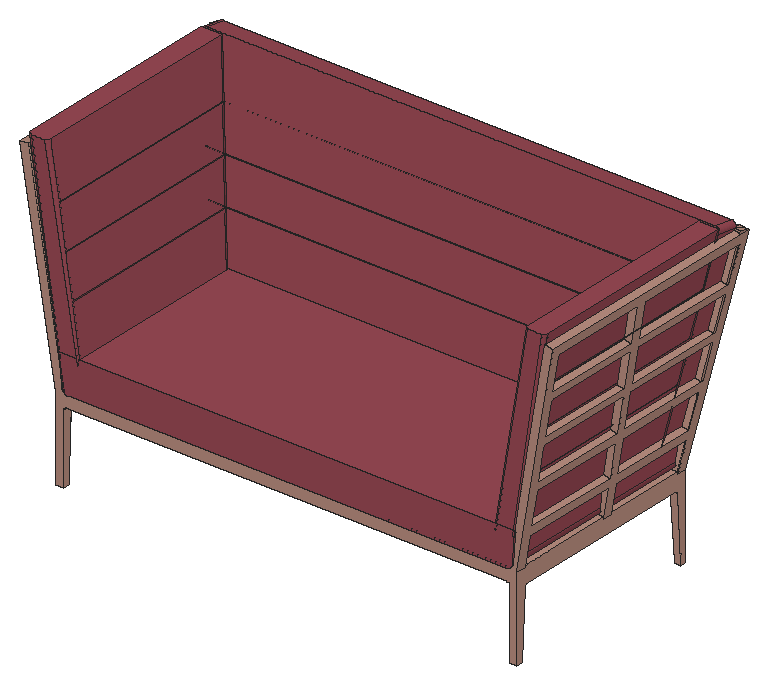
Revit family "Haworth_Janus_Slant_Settee", category Furniture, Revit 2018
Family settings
  OmniClass Number = 23.40.20.00
  OmniClass Title = General Furniture and Specialties
  Work Plane-Based = No
  Always vertical = Yes
  Cut with Voids When Loaded = No
  Shared = No
  Room Calculation Point = No
Parameters (values of type "HCJC-SL-L2W")
  With Seat Cushion = yes
  Width = "70.25 in."  # constant formula
  Warranty = "https://www.haworth.com/resources/product-info/warranties"
  URL - Product = "https://www.haworth.com/products/seating/outdoor/slant"
  URL = "http://www.haworth.com/our-brands/haworth-collection"
  Trim Finish [instance] = Haworth _ Paint _ Slant _ Mousse
  Size = "Verify Final Dim. w/ Haworth"  # constant formula
  Seat Bottom Finish [instance] = Haworth _ Fabric _ Tellure _ Tomato 3A-43
  Revision = "2"  # constant formula
  Model = "HCJC-SL-L2W"
  Manufacturer = "Haworth"  # constant formula
  Frame = yes
  Depth = "34.25 in."  # constant formula
  Height = "41.25 in."  # constant formula
  Description = "Haworth - Janus - Slant - Settee"
  Cushion = yes
  Back Finish [instance] = Haworth _ Fabric _ Tellure _ Tomato 3A-43
  Author = "Haworth (Abd Rahman)"  # constant formula
  Assembly Code = "E2020200"
Reference planes (in)
  plane 1 "Center Front/Back": y = 0
  plane 2: z = 0
  plane 3 "Center Left/Right": x = 0
Dimensions and locks (in)
  nested 2 to nested 2 = 6' - 0 3/32"
Nested families (in)
  nested 1: "Haworth_Janus_Slant_ Seat-Cushion_PART" at (-11.98621, -2.64543, -1.75), visible <- "With Seat Cushion", Cushion Finish <- "Seat Bottom Finish", type "HCJC-SL-CSSA-S - Cushion"
    with Cushion Finish Haworth _ Fabric _ Tellure _ Tomato 3A-43
  nested 2: "Haworth_Janus_Slant_Cushion_Back_PART" at (9.5709, -11.17906, -2.5), Cushion Finish <- "Back Finish", visible <- "Cushion", type "HCJC-SL-CBSA-S - BackSide - Cushion"
    with Cushion Finish Haworth _ Fabric _ Tellure _ Tomato 3A-43
  nested 3: "Haworth_Janus_Slant_Settee_Frame_PART" at (5.64325, -1.31366, 0), Frame Finish <- "Trim Finish", visible <- "Frame", type "HCJC-SL-L2W - FRAME"
    with Frame Finish Haworth _ Paint _ Slant _ Mousse
Definition of nested family "Haworth_Janus_Slant_ Seat-Cushion_PART"
  Parameters (values of type "HCJC-SL-CSL2W-S - Cushion")
    Warranty = "https://www.haworth.com/resources/product-info/warranties"
    URL - Product = "https://www.haworth.com/products/tables/outdoor/slant"
    Model = "HCJC-SL-CSL2W-S"  # constant formula
    Description = "Haworth_Slant_Seat-Seating_Cushion"
    URL = "http://www.haworth.com/our-brands/haworth-collection"
    Size = "Verify Final Dim. w/ Haworth"  # constant formula
    Revision Number = "1"  # constant formula
    Manufacturer = "Haworth"  # constant formula
    Cushion Width = 5' - 3 7/128"  # constant formula
    Cushion Finish [instance] = none
    Author = "Haworth (Abd Rahman)"  # constant formula
    Assembly Code = "E2020200"
    Actual Depth = 2' - 4 69/128"  # constant formula
  Reference planes (in)
    plane 1 "Center F/B": y = -4.48242
    plane 2: z = 0
    plane 3 "Center L/R": x = 19.75
    plane 4 "Top": z = 27.5
    plane 5 "Seat Top": z = 18.25
    plane 6: x = 49.25
    plane 7: x = -13.80469
    plane 8: y = 11.05664
    plane 9: y = -17.48242
  Forms (in)
    Extrusion 1, solid, material <- "Cushion Finish"
      sketch origin (30.39258, -13.125, 16.78125) x (0, 0, -1) y (-1, 0, 0)
        loop
          line (-1.6574, 44.41732) -> (-1.6574, -19.07427) -> (2.21371, -18.80357)
          arc (2.21371, -18.80357) -> (3.01405, -18.57194) -> (3.36114, -17.8145) r 1
          line (3.36114, -17.8145) -> (3.36114, 43.09717)
          arc (3.36114, 43.09717) -> (3.01, 43.85809) -> (2.20316, 44.08462) r 1
          line (2.20316, 44.08462) -> (-1.6574, 44.41732)
      from -4.35742 to 24.18164
  Lines and regions (in)
    Masking region 1
      outline origin (0, 0, 0) x (1, 0, 0) y (0, 1, 0)
        loop
          line (-13.80469, 11.05664) -> (-13.80469, -17.48242) -> (49.25, -17.48242) -> (49.25, 11.05664) -> (-13.80469, 11.05664)
  Dimensions and locks (in)
    locked: plane 4 "Top" to level at 27.5
    plane 5 "Seat Top" to level = 1' - 6 1/4"
    plane 5 "Seat Top" to plane 2 = 1' - 6 1/4"
    "Cushion Width": plane 7 to plane 6
    "Actual Depth": plane 8 to plane 9
    aligned and locked: plane 8 to Masking region 1
    aligned and locked: Masking region 1 to plane 9
    aligned and locked: plane 8 to Extrusion 1
    aligned and locked: Extrusion 1 to plane 9
    aligned and locked: plane 7 to Masking region 1
    aligned and locked: plane 6 to Masking region 1
  Automatic sketch dimensions
    plane 5 "Seat Top" to Extrusion 1 sketch curve = 0' - 0.18865"
    Extrusion 1 sketch curve to plane 7 = 0' - 0.11265"
    Extrusion 1 sketch curve to plane 5 "Seat Top" = 0' - 3.67191"
    Extrusion 1 sketch curve to plane 6 = 0' - 1.04292"
    Extrusion 1 sketch curve to plane 5 "Seat Top" = 0' - 3.82989"
    Extrusion 1 sketch curve to Extrusion 1 sketch curve = 0' - 1"
    plane 6 to Extrusion 1 sketch curve = 0' - 0.21685"
    plane 7 to Extrusion 1 sketch curve = 0' - 0.22006"
    Masking region 1 sketch curve to plane 7 = 0' - 0"
    Masking region 1 sketch curve to plane 6 = 0' - 0"
    plane 1 "Center F/B" to Masking region 1 sketch curve = 1' - 1"
    Masking region 1 sketch curve to plane 8 = 0' - 0"
Definition of nested family "Haworth_Janus_Slant_Cushion_Back_PART"
  Parameters (values of type "HCJC-SL-CBL2W-S - BackSide - Cushion")
    Warranty = "https://www.haworth.com/resources/product-info/warranties"
    URL - Product = "https://www.haworth.com/products/seating/outdoor/slant"
    URL = "http://www.haworth.com/our-brands/haworth-collection"
    Size = "Verify Final Dim. w/ Haworth"  # constant formula
    Revision = "1"  # constant formula
    Model = "HCJC-SL-CBL2W-S"  # constant formula
    Manufacturer = "Haworth"  # constant formula
    Description = "Haworth_Slant_BackSide_Cushion"
    Cushion Width = 6' - 0 3/32"  # constant formula
    Cushion Finish [instance] = none
    Cushion Depth = 2' - 9 11/32"  # constant formula
    Author = "Haworth (Abd Rahman)"  # constant formula
    Assembly Code = "E2020200"
  Reference planes (in)
    plane 1 "Center Front/Back": y = 7.72462
    plane 2: z = 0
    plane 3 "Center Left/Right": x = -3.91465
    plane 4 "Back Cushion 1": through (0, 20.22092, 20.18999) normal (0, 0.9864, -0.1644)
    plane 5 "Back Cushion 2": through (0, 18.45094, 27.31171) normal (0, 0.9864, -0.1644)
    plane 6: z = 45.02112
    plane 7: z = 18.43812
    plane 8: y = 24.3965
    plane 9: y = -8.94725
    plane 10: x = -39.96153
    plane 11: x = 32.13222
    plane 12 "Void Arm": through (32.10853, -180, 44.39946) normal (0.9861, 0, -0.1664)
  Forms (in)
    Extrusion 1, solid, material <- "Cushion Finish"
      sketch origin (0, 16.3233, -3.19576) x (0, -0.164399, -0.986394) y (-1, 0, 0)
        loop
          line (-48.54923, 39.3127) -> (-48.54923, -31.44471)
          arc (-48.54923, -31.44471) -> (-48.31125, -31.95821) -> (-47.76562, -32.10853) r 0.67297
          line (-47.76562, -32.10853) -> (-22.18729, -27.84548)
          arc (-22.18729, -27.84548) -> (-21.9959, -27.73676) -> (-21.92013, -27.5301) r 0.31972
          line (-21.92013, -27.5301) -> (-21.92013, 35.36207)
          arc (-21.92013, 35.36207) -> (-22.01283, 35.61492) -> (-22.24701, 35.74794) r 0.39119
          line (-22.24701, 35.74794) -> (-47.74143, 39.99701)
          arc (-47.74143, 39.99701) -> (-48.3039, 39.84204) -> (-48.54923, 39.3127) r 0.69375
      from 0 to -2.91671
    Sweep 2, void
      path origin (0, 16.47485, -2.28648) x (0, -0.164399, -0.986394) y (-1, 0, 0)
        loop
          line (-27.99974, 38.69549) -> (-27.99974, -30.88626)
      profile origin (-3.90462, 21.07797, 25.33229) x (0, -0.164399, -0.986394) y (0, 0.986394, -0.164399)
        loop
          arc (-0.07611, -0.08955) -> (-0.05703, -0.02537) -> (-0.01191, 0.02411) r 0.14996
          line (-0.01191, 0.02411) -> (-0.14032, 0.02411)
          arc (-0.14032, 0.02411) -> (-0.0952, -0.02537) -> (-0.07611, -0.08955) r 0.14996
    Sweep 3, void
      path origin (0, 13.58796, -1.82635) x (0, -0.164399, -0.986394) y (1, 0, 0)
        loop
          line (-27.99974, -38.69662) -> (-27.99974, 30.88738)
      profile origin (-3.90462, 18.1911, 25.79242) x (0, 0.164399, 0.986394) y (0, -0.986394, 0.164399)
        loop
          arc (0.07611, -0.09686) -> (0.0952, -0.03268) -> (0.14032, 0.0168) r 0.14996
          line (0.14032, 0.0168) -> (0.01191, 0.0168)
          arc (0.01191, 0.0168) -> (0.05703, -0.03268) -> (0.07611, -0.09686) r 0.14996
    Blend 4, solid, material <- "Cushion Finish"
      base sketch origin (18.73986, 0, 0) x (1, 0, 0) y (0, 1, 0)
        loop
          arc (6.45068, 16.92747) -> (6.2739, 16.85424) -> (6.20068, 16.67747) r 0.25
          line (6.20068, 16.67747) -> (6.20068, -8.69725)
          arc (6.20068, -8.69725) -> (6.2739, -8.87403) -> (6.45068, -8.94725) r 0.25
          line (6.45068, -8.94725) -> (8.86062, -8.94725)
          arc (8.86062, -8.94725) -> (9.0374, -8.87403) -> (9.11062, -8.69725) r 0.25
          line (9.11062, -8.69725) -> (9.11062, 16.67747)
          arc (9.11062, 16.67747) -> (9.0374, 16.85424) -> (8.86062, 16.92747) r 0.25
          line (8.86062, 16.92747) -> (6.45068, 16.92747)
      top sketch origin (18.73986, 0, 0) x (1, 0, 0) y (0, 1, 0)
        loop
          arc (10.75922, 21.42284) -> (10.58244, 21.34962) -> (10.50922, 21.17284) r 0.25
          line (10.50922, 21.17284) -> (10.50922, -8.44725)
          arc (10.50922, -8.44725) -> (10.65567, -8.80081) -> (11.00922, -8.94725) r 0.5
          line (11.00922, -8.94725) -> (12.87189, -8.94725)
          arc (12.87189, -8.94725) -> (13.22544, -8.80081) -> (13.37189, -8.44725) r 0.5
          line (13.37189, -8.44725) -> (13.37189, 21.17284)
          arc (13.37189, 21.17284) -> (13.29867, 21.34962) -> (13.12189, 21.42284) r 0.25
          line (13.12189, 21.42284) -> (10.75922, 21.42284)
      from 18.43812 to 45.02112
    Blend 5, solid, material <- "Cushion Finish"
      base sketch origin (-26.56917, 0, 0) x (-1, 0, 0) y (0, -1, 0)
        loop
          line (6.45068, -16.92747) -> (8.86062, -16.92747)
          arc (8.86062, -16.92747) -> (9.0374, -16.85424) -> (9.11062, -16.67747) r 0.25
          line (9.11062, -16.67747) -> (9.11062, 8.69725)
          arc (9.11062, 8.69725) -> (9.0374, 8.87403) -> (8.86062, 8.94725) r 0.25
          line (8.86062, 8.94725) -> (6.45068, 8.94725)
          arc (6.45068, 8.94725) -> (6.2739, 8.87403) -> (6.20068, 8.69725) r 0.25
          line (6.20068, 8.69725) -> (6.20068, -16.67747)
          arc (6.20068, -16.67747) -> (6.2739, -16.85424) -> (6.45068, -16.92747) r 0.25
      top sketch origin (-26.56917, 0, 0) x (-1, 0, 0) y (0, -1, 0)
        loop
          line (10.75922, -21.42284) -> (13.12189, -21.42284)
          arc (13.12189, -21.42284) -> (13.29867, -21.34962) -> (13.37189, -21.17284) r 0.25
          line (13.37189, -21.17284) -> (13.37189, 8.44725)
          arc (13.37189, 8.44725) -> (13.22544, 8.80081) -> (12.87189, 8.94725) r 0.5
          line (12.87189, 8.94725) -> (11.00922, 8.94725)
          arc (11.00922, 8.94725) -> (10.65567, 8.80081) -> (10.50922, 8.44725) r 0.5
          line (10.50922, 8.44725) -> (10.50922, -21.17284)
          arc (10.50922, -21.17284) -> (10.58244, -21.34962) -> (10.75922, -21.42284) r 0.25
      from 18.43812 to 45.02112
    Sweep 6, void
      path origin (0, 14.56396, 4.02962) x (0, -0.164399, -0.986394) y (1, 0, 0)
        loop
          line (-27.99974, -38.69662) -> (-27.99974, 30.88738)
      profile origin (-3.90462, 19.16709, 31.6484) x (0, 0.164399, 0.986394) y (0, -0.986394, 0.164399)
        loop
          arc (0.07611, -0.09686) -> (0.0952, -0.03268) -> (0.14032, 0.0168) r 0.14996
          line (0.14032, 0.0168) -> (0.01191, 0.0168)
          arc (0.01191, 0.0168) -> (0.05703, -0.03268) -> (0.07611, -0.09686) r 0.14996
    Sweep 7, void
      path origin (0, 15.53901, 9.87996) x (0, -0.164399, -0.986394) y (1, 0, 0)
        loop
          line (-27.99974, -38.69662) -> (-27.99974, 30.88738)
      profile origin (-3.90462, 20.14215, 37.49873) x (0, 0.164399, 0.986394) y (0, -0.986394, 0.164399)
        loop
          arc (0.07611, -0.09686) -> (0.0952, -0.03268) -> (0.14032, 0.0168) r 0.14996
          line (0.14032, 0.0168) -> (0.01191, 0.0168)
          arc (0.01191, 0.0168) -> (0.05703, -0.03268) -> (0.07611, -0.09686) r 0.14996
    Sweep 8, void
      path origin (0, 17.46124, 3.63188) x (0, -0.164399, -0.986394) y (-1, 0, 0)
        loop
          line (-27.99974, 38.69549) -> (-27.99974, -30.88626)
      profile origin (-3.90462, 22.06437, 31.25065) x (0, -0.164399, -0.986394) y (0, 0.986394, -0.164399)
        loop
          arc (-0.07611, -0.08955) -> (-0.05703, -0.02537) -> (-0.01191, 0.02411) r 0.14996
          line (-0.01191, 0.02411) -> (-0.14032, 0.02411)
          arc (-0.14032, 0.02411) -> (-0.0952, -0.02537) -> (-0.07611, -0.08955) r 0.14996
    Sweep 9, void
      path origin (0, 18.42696, 9.42619) x (0, -0.164399, -0.986394) y (-1, 0, 0)
        loop
          line (-27.99974, 38.69549) -> (-27.99974, -30.88626)
      profile origin (-3.90462, 23.03009, 37.04497) x (0, -0.164399, -0.986394) y (0, 0.986394, -0.164399)
        loop
          arc (-0.07611, -0.08955) -> (-0.05703, -0.02537) -> (-0.01191, 0.02411) r 0.14996
          line (-0.01191, 0.02411) -> (-0.14032, 0.02411)
          arc (-0.14032, 0.02411) -> (-0.0952, -0.02537) -> (-0.07611, -0.08955) r 0.14996
    Sweep 10, void
      path origin (-3.29455, 0, 104.6604) x (-0.997748, 0, 0.067073) y (0, -1, 0)
        loop
          line (42.18705, 8.94725) -> (42.18795, -20.16919)
      profile origin (-45.38705, 5.61097, 107.49006) x (-0.997748, -0.000031, 0.067073) y (0.067073, 0, 0.997748)
        loop
          arc (-11.40856, -69.28642) -> (-11.33911, -69.31892) -> (-11.29633, -69.38255) r 0.14346
          line (-11.29633, -69.38255) -> (-11.27049, -69.22945)
          arc (-11.27049, -69.22945) -> (-11.33136, -69.27773) -> (-11.40856, -69.28642) r 0.14093
    Sweep 11, void
      path origin (-5.13037, -0.96053, 100.268) x (-0.99965, 0, 0.026469) y (0, -1, 0)
        loop
          line (42.18705, 8.94725) -> (42.18795, -20.16919)
      profile origin (-47.30309, 4.65044, 101.38465) x (-0.99965, -0.000031, 0.026469) y (0.026469, 0, 0.99965)
        loop
          arc (-11.40856, -69.28642) -> (-11.33911, -69.31892) -> (-11.29633, -69.38255) r 0.14346
          line (-11.29633, -69.38255) -> (-11.27049, -69.22945)
          arc (-11.27049, -69.22945) -> (-11.33136, -69.27773) -> (-11.40856, -69.28642) r 0.14093
    Sweep 12, void
      path origin (-2.70531, -1.95134, 93.59916) x (-0.998841, 0, 0.048125) y (0, -1, 0)
        loop
          line (42.18705, 8.94725) -> (42.18795, -20.16919)
      profile origin (-44.84393, 3.65963, 95.62944) x (-0.998841, -0.000031, 0.048125) y (0.048125, 0, 0.998841)
        loop
          arc (-11.40856, -69.28642) -> (-11.33911, -69.31892) -> (-11.29633, -69.38255) r 0.14346
          line (-11.29633, -69.38255) -> (-11.27049, -69.22945)
          arc (-11.27049, -69.22945) -> (-11.33136, -69.27773) -> (-11.40856, -69.28642) r 0.14093
    Sweep 13, void
      path origin (-91.1619, 0, 89.53674) x (0.922062, 0, 0.387042) y (0, 1, 0)
        loop
          line (42.18705, -8.94725) -> (42.18795, 20.16919)
      profile origin (-52.2624, 5.61097, 105.86506) x (-0.922062, 0.000031, -0.387042) y (-0.387042, 0, 0.922062)
        loop
          arc (11.40856, -69.28642) -> (11.33136, -69.27773) -> (11.27049, -69.22945) r 0.14093
          line (11.27049, -69.22945) -> (11.29633, -69.38255)
          arc (11.29633, -69.38255) -> (11.33911, -69.31892) -> (11.40856, -69.28642) r 0.14346
    Sweep 14, void
      path origin (-88.07025, -0.96053, 85.88021) x (0.93703, 0, 0.349249) y (0, 1, 0)
        loop
          line (42.18705, -8.94725) -> (42.18795, 20.16919)
      profile origin (-48.5393, 4.65044, 100.61414) x (-0.93703, 0.000031, -0.349249) y (-0.349249, 0, 0.93703)
        loop
          arc (11.40856, -69.28642) -> (11.33136, -69.27773) -> (11.27049, -69.22945) r 0.14093
          line (11.27049, -69.22945) -> (11.29633, -69.38255)
          arc (11.29633, -69.38255) -> (11.33911, -69.31892) -> (11.40856, -69.28642) r 0.14346
    Sweep 15, void
      path origin (-88.27431, -1.95134, 78.85083) x (0.929242, 0, 0.369472) y (0, 1, 0)
        loop
          line (42.18705, -8.94725) -> (42.18795, 20.16919)
      profile origin (-49.07192, 3.65963, 94.43793) x (-0.929242, 0.000031, -0.369472) y (-0.369472, 0, 0.929242)
        loop
          arc (11.40856, -69.28642) -> (11.33136, -69.27773) -> (11.27049, -69.22945) r 0.14093
          line (11.27049, -69.22945) -> (11.29633, -69.38255)
          arc (11.29633, -69.38255) -> (11.33911, -69.31892) -> (11.40856, -69.28642) r 0.14346
    Sweep 16, void
      path origin (79.97646, 0, 92.91708) x (-0.944565, 0, 0.328324) y (0, -1, 0)
        loop
          line (42.18705, 8.94725) -> (42.18795, -20.16919)
      profile origin (40.12761, 5.61097, 106.76823) x (-0.944565, -0.000031, 0.328324) y (0.328324, 0, 0.944565)
        loop
          arc (-11.40856, -69.28642) -> (-11.33911, -69.31892) -> (-11.29633, -69.38255) r 0.14346
          line (-11.29633, -69.38255) -> (-11.27049, -69.22945)
          arc (-11.27049, -69.22945) -> (-11.33136, -69.27773) -> (-11.40856, -69.28642) r 0.14093
    Sweep 17, void
      path origin (77.93795, -0.96053, 88.1278) x (-0.950704, 0, 0.3101) y (0, -1, 0)
        loop
          line (42.18705, 8.94725) -> (42.18795, -20.16919)
      profile origin (37.83013, 4.65044, 101.21016) x (-0.950704, -0.000031, 0.3101) y (0.3101, 0, 0.950704)
        loop
          arc (-11.40856, -69.28642) -> (-11.33911, -69.31892) -> (-11.29633, -69.38255) r 0.14346
          line (-11.29633, -69.38255) -> (-11.27049, -69.22945)
          arc (-11.27049, -69.22945) -> (-11.33136, -69.27773) -> (-11.40856, -69.28642) r 0.14093
    Sweep 18, void
      path origin (71.27682, -1.95134, 86.85373) x (-0.976337, 0, 0.216256) y (0, -1, 0)
        loop
          line (42.18705, 8.94725) -> (42.18795, -20.16919)
      profile origin (30.08762, 3.65963, 95.97703) x (-0.976337, -0.000031, 0.216256) y (0.216256, 0, 0.976337)
        loop
          arc (-11.40856, -69.28642) -> (-11.33911, -69.31892) -> (-11.29633, -69.38255) r 0.14346
          line (-11.29633, -69.38255) -> (-11.27049, -69.22945)
          arc (-11.27049, -69.22945) -> (-11.33136, -69.27773) -> (-11.40856, -69.28642) r 0.14093
    Sweep 19, void
      path origin (-1.26668, 0, 106.28873) x (0.999826, 0, 0.018671) y (0, 1, 0)
        loop
          line (42.18705, -8.94725) -> (42.18795, 20.16919)
      profile origin (40.91347, 5.61097, 107.0764) x (-0.999826, 0.000031, -0.018671) y (-0.018671, 0, 0.999826)
        loop
          arc (11.40856, -69.28642) -> (11.33136, -69.27773) -> (11.27049, -69.22945) r 0.14093
          line (11.27049, -69.22945) -> (11.29633, -69.38255)
          arc (11.29633, -69.38255) -> (11.33911, -69.31892) -> (11.40856, -69.28642) r 0.14346
    Sweep 20, void
      path origin (1.77267, -0.96053, 102.15404) x (0.999265, 0, -0.038322) y (0, 1, 0)
        loop
          line (42.18705, -8.94725) -> (42.18795, 20.16919)
      profile origin (43.92917, 4.65044, 100.53731) x (-0.999265, 0.000031, 0.038322) y (0.038322, 0, 0.999265)
        loop
          arc (11.40856, -69.28642) -> (11.33136, -69.27773) -> (11.27049, -69.22945) r 0.14093
          line (11.27049, -69.22945) -> (11.29633, -69.38255)
          arc (11.29633, -69.38255) -> (11.33911, -69.31892) -> (11.40856, -69.28642) r 0.14346
    Sweep 21, void
      path origin (-2.61634, -1.95134, 94.83497) x (0.999948, 0, 0.010151) y (0, 1, 0)
        loop
          line (42.18705, -8.94725) -> (42.18795, 20.16919)
      profile origin (39.56898, 3.65963, 95.26322) x (-0.999948, 0.000031, -0.010151) y (-0.010151, 0, 0.999948)
        loop
          arc (11.40856, -69.28642) -> (11.33136, -69.27773) -> (11.27049, -69.22945) r 0.14093
          line (11.27049, -69.22945) -> (11.29633, -69.38255)
          arc (11.29633, -69.38255) -> (11.33911, -69.31892) -> (11.40856, -69.28642) r 0.14346
  Cuts and joins
    Sweep 2, Sweep 3, Sweep 6, Sweep 7, Sweep 8, Sweep 9, Sweep 14 cuts Extrusion 1
    Sweep 7, Sweep 16, Sweep 17, Sweep 18, Sweep 19, Sweep 20, Sweep 21 cuts Blend 4
    Sweep 7, Sweep 10, Sweep 11, Sweep 12, Sweep 13, Sweep 14, Sweep 15, Sweep 16, Sweep 17, Sweep 18, Sweep 19, Sweep 20, Sweep 21 cuts Blend 5
  Lines and regions (in)
    Masking region 1
      outline origin (0, 0, 0) x (1, 0, 0) y (0, 1, 0)
        loop
          line (-39.96153, 24.3965) -> (-39.96153, 21.5303) -> (32.13222, 21.5303) -> (32.13222, 24.3965) -> (-39.96153, 24.3965)
    Masking region 2
      outline origin (0, 0, 0) x (1, 0, 0) y (0, 1, 0)
        loop
          arc (31.6166, -8.94725) -> (31.97015, -8.80081) -> (32.1166, -8.44725) r 0.5
          line (32.1166, -8.44725) -> (32.1166, 21.17284)
          arc (32.1166, 21.17284) -> (32.04337, 21.34962) -> (31.8666, 21.42284) r 0.25
          line (31.8666, 21.42284) -> (29.50393, 21.42284)
          arc (29.50393, 21.42284) -> (29.32715, 21.34962) -> (29.25393, 21.17284) r 0.25
          line (29.25393, 21.17284) -> (29.25393, -8.44725)
          arc (29.25393, -8.44725) -> (29.40037, -8.80081) -> (29.75393, -8.94725) r 0.5
          line (29.75393, -8.94725) -> (31.6166, -8.94725)
        loop
          line (-39.45055, -8.94725) -> (-37.58788, -8.94725)
          arc (-37.58788, -8.94725) -> (-37.23432, -8.80081) -> (-37.08788, -8.44725) r 0.5
          line (-37.08788, -8.44725) -> (-37.08788, 21.17284)
          arc (-37.08788, 21.17284) -> (-37.1611, 21.34962) -> (-37.33788, 21.42284) r 0.25
          line (-37.33788, 21.42284) -> (-39.70055, 21.42284)
          arc (-39.70055, 21.42284) -> (-39.87732, 21.34962) -> (-39.95055, 21.17284) r 0.25
          line (-39.95055, 21.17284) -> (-39.95055, -8.44725)
          arc (-39.95055, -8.44725) -> (-39.8041, -8.80081) -> (-39.45055, -8.94725) r 0.5
    Masking region 3
      outline origin (0, 0, 0) x (1, 0, 0) y (0, 1, 0)
        loop
          arc (-37.08788, -8.44158) -> (-37.23598, -8.79914) -> (-37.59355, -8.94725) r 0.50567
          line (-37.59355, -8.94725) -> (-33.01985, -8.94725)
          arc (-33.01985, -8.94725) -> (-32.84307, -8.87403) -> (-32.76985, -8.69725) r 0.25
          line (-32.76985, -8.69725) -> (-32.76985, 16.93912) -> (-37.08788, 21.25715) -> (-37.08788, -8.44158)
        loop
          line (29.25393, -8.44158) -> (29.25393, 21.28125) -> (24.94054, 16.96786) -> (24.94054, -8.69725)
          arc (24.94054, -8.69725) -> (25.01376, -8.87403) -> (25.19054, -8.94725) r 0.25
          line (25.19054, -8.94725) -> (29.69054, -8.94725)
          arc (29.69054, -8.94725) -> (29.37818, -8.77562) -> (29.25393, -8.44158) r 0.51113
    Masking region 4
      outline origin (0, 0, 0) x (1, 0, 0) y (0, 1, 0)
        loop
          line (-39.96153, 21.5303) -> (-39.96153, 21.28684) -> (-39.934, 21.2593)
          arc (-39.934, 21.2593) -> (-39.8424, 21.37792) -> (-39.69942, 21.42284) r 0.25
          line (-39.69942, 21.42284) -> (-37.33675, 21.42284)
          arc (-37.33675, 21.42284) -> (-37.20327, 21.38423) -> (-37.11103, 21.2803) r 0.25
          line (-37.11103, 21.2803) -> (-32.88065, 17.04992) -> (25.0226, 17.04992) -> (29.3223, 21.34962)
          arc (29.3223, 21.34962) -> (29.40341, 21.40381) -> (29.49908, 21.42284) r 0.25
          line (29.49908, 21.42284) -> (31.86175, 21.42284)
          arc (31.86175, 21.42284) -> (32.01418, 21.37453) -> (32.13222, 21.26666) r 0.3718
          line (32.13222, 21.26666) -> (32.13222, 21.5303) -> (-39.96153, 21.5303)
    model lines
      curve 1: line (28.06136, 7.72462, 37.56957) -> (30.89426, 7.72462, 37.56957)
  Dimensions and locks (in)
    plane 6 to plane 7 = 2' - 2.58301"
    "Cushion Width": plane 10 to plane 11
    "Cushion Depth": plane 8 to plane 9
    equal spacing: plane 10, plane 3 "Center Left/Right", plane 11
    equal spacing: plane 8, plane 1 "Center Front/Back", plane 9
    aligned and locked: Extrusion 1 to plane 5 "Back Cushion 2"
    aligned and locked: Masking region 1 sketch curve to plane 8
    aligned and locked: Masking region 1 sketch curve to plane 10
    aligned and locked: plane 11 to Masking region 1 sketch curve
    aligned and locked: plane 9 to Blend 4 sketch curve
    aligned and locked: Blend 4 to plane 6
    aligned and locked: plane 6 to Blend 4
  Automatic sketch dimensions
    plane 11 to curve 1 = 0' - 4.07086"
    plane 11 to curve 1 = 0' - 1.23796"
    curve 1 to plane 6 = 0' - 7.45156"
    Extrusion 1 sketch curve to plane 10 = 0' - 0.64883"
    Extrusion 1 sketch curve to Extrusion 1 sketch curve = 0' - 0.67297"
    Extrusion 1 sketch curve to Extrusion 1 sketch curve = 0' - 0.69375"
    plane 11 to Extrusion 1 sketch curve = 0' - 0.02369"
    Extrusion 1 sketch curve to Extrusion 1 sketch curve = 0' - 0.11064"
    plane 10 to Extrusion 1 sketch curve = 0' - 0.03548"
    Extrusion 1 sketch curve to plane 10 = 0' - 4.59946"
    Extrusion 1 sketch curve to Extrusion 1 sketch curve = 2' - 1.54416"
    Extrusion 1 sketch curve to plane 10 = 0' - 4.21359"
    Extrusion 1 sketch curve to Extrusion 1 sketch curve = 0' - 0.06431"
    Extrusion 1 sketch curve to Extrusion 1 sketch curve = 0' - 0.31972"
    plane 11 to Extrusion 1 sketch curve = 0' - 4.28674"
    Extrusion 1 sketch curve to Extrusion 1 sketch curve = 0' - 0.05256"
    plane 11 to Sweep 2 sketch curve = 0' - 1.24596"
    Sweep 2 sketch curve to plane 10 = 0' - 1.26604"
    Sweep 2 sketch curve to plane 4 "Back Cushion 1" = 0' - 0.09913"  (x2)
    profile plane to Sweep 2 sketch curve = 0' - 0.22577"
    plane 4 "Back Cushion 1" to Sweep 2 sketch curve = 0' - 0.02411"
    profile plane to Sweep 2 sketch curve = 0' - 0.14032"
    profile plane to Sweep 2 sketch curve = 0' - 0.01191"
    Sweep 2 sketch curve to profile plane = 0' - 0.07354"
    plane 11 to Sweep 3 sketch curve = 0' - 1.24484"
    Sweep 3 sketch curve to plane 10 = 0' - 1.26491"
    profile plane to Sweep 3 sketch curve = 0' - 0.07354"
    Sweep 3 sketch curve to profile plane = 0' - 0.01191"
    profile plane to Sweep 3 sketch curve = 0' - 0.0168"
    Sweep 3 sketch curve to Sweep 3 sketch curve = 0' - 0.12842"
    Sweep 3 sketch curve to Sweep 3 sketch curve = 0' - 0.08545"
    Sweep 3 sketch curve to profile plane = 0' - 0.10644"  (x2)
    Masking region 1 sketch curve to Masking region 1 sketch curve = 0' - 2.8662"
    Masking region 2 sketch curve to plane 9 = 0' - 0"  (x2)
    Masking region 2 sketch curve to plane 10 = 0' - 0.01098"
    Masking region 2 sketch curve to Masking region 2 sketch curve = 0' - 0 1/4"  (x3)
    Masking region 2 sketch curve to plane 10 = 0' - 0.51098"
    plane 9 to Masking region 2 sketch curve = 0' - 0 1/2"
    Masking region 2 sketch curve to Masking region 2 sketch curve = 0' - 1.86267"
    plane 11 to Masking region 2 sketch curve = 0' - 2.87829"
    Masking region 2 sketch curve to Masking region 2 sketch curve = 0' - 0 1/2"
    plane 11 to Masking region 2 sketch curve = 0' - 0 33/64"
    plane 11 to Masking region 2 sketch curve = 0' - 0 17/64"
    plane 11 to Masking region 2 sketch curve = 0' - 0 1/64"
    Masking region 2 sketch curve to plane 8 = 0' - 3.22365"  (x2)
    plane 9 to Blend 4 sketch curve = 0' - 0 1/4"
    plane 11 to Blend 4 sketch curve = 0' - 7.19168"
    Blend 4 sketch curve to Blend 4 sketch curve = 0' - 0 1/4"  (x3)
    Blend 4 sketch curve to Blend 4 sketch curve = 0' - 2.40994"  (x2)
    Blend 4 sketch curve to plane 8 = 0' - 7.71903"
    Blend 4 sketch curve to plane 9 = 0' - 0"
    plane 9 to Blend 4 sketch curve = 0' - 0 1/2"
    plane 11 to Blend 4 sketch curve = 0' - 2.88314"
    plane 11 to Blend 4 sketch curve = 0' - 0.52047"
    plane 11 to Blend 4 sketch curve = 0' - 0.27047"
    plane 11 to Blend 4 sketch curve = 0' - 0.02047"
    Blend 4 sketch curve to plane 8 = 0' - 3.22365"
    Blend 5 sketch curve to plane 9 = 0' - 0"  (x2)
    Blend 5 sketch curve to plane 9 = 0' - 0 1/4"
    plane 10 to Blend 5 sketch curve = 0' - 7.19168"
    Blend 5 sketch curve to Blend 5 sketch curve = 0' - 0 1/4"  (x3)
    Blend 5 sketch curve to Blend 5 sketch curve = 0' - 2.40994"  (x2)
    plane 8 to Blend 5 sketch curve = 0' - 7.71903"
    Blend 5 sketch curve to plane 9 = 0' - 0 1/2"
    plane 10 to Blend 5 sketch curve = 0' - 2.88314"
    plane 10 to Blend 5 sketch curve = 0' - 0.52047"
    plane 10 to Blend 5 sketch curve = 0' - 0.27047"
    plane 10 to Blend 5 sketch curve = 0' - 0.02047"
    plane 8 to Blend 5 sketch curve = 0' - 3.22365"
    plane 11 to Sweep 6 sketch curve = 0' - 1.24484"
    Sweep 6 sketch curve to plane 10 = 0' - 1.26491"
    profile plane to Sweep 6 sketch curve = 0' - 0.07354"
    Sweep 6 sketch curve to profile plane = 0' - 0.01191"
    profile plane to Sweep 6 sketch curve = 0' - 0.0168"
    Sweep 6 sketch curve to Sweep 6 sketch curve = 0' - 0.12842"
    Sweep 6 sketch curve to Sweep 6 sketch curve = 0' - 0.08545"
    Sweep 6 sketch curve to profile plane = 0' - 0.10644"  (x2)
    plane 11 to Sweep 7 sketch curve = 0' - 1.24484"
    Sweep 7 sketch curve to plane 10 = 0' - 1.26491"
    profile plane to Sweep 7 sketch curve = 0' - 0.07354"
    Sweep 7 sketch curve to profile plane = 0' - 0.01191"
    profile plane to Sweep 7 sketch curve = 0' - 0.0168"
    Sweep 7 sketch curve to Sweep 7 sketch curve = 0' - 0.12842"
    Sweep 7 sketch curve to Sweep 7 sketch curve = 0' - 0.08545"
    Sweep 7 sketch curve to profile plane = 0' - 0.10644"  (x2)
    plane 11 to Sweep 8 sketch curve = 0' - 1.24596"
    Sweep 8 sketch curve to plane 10 = 0' - 1.26604"
    Sweep 8 sketch curve to profile plane = 0' - 0.09913"  (x2)
    profile plane to Sweep 8 sketch curve = 0' - 0.22577"
    profile plane to Sweep 8 sketch curve = 0' - 0.02411"
    profile plane to Sweep 8 sketch curve = 0' - 0.14032"
    profile plane to Sweep 8 sketch curve = 0' - 0.01191"
    Sweep 8 sketch curve to profile plane = 0' - 0.07354"
    plane 11 to Sweep 9 sketch curve = 0' - 1.24596"
    Sweep 9 sketch curve to plane 10 = 0' - 1.26604"
    Sweep 9 sketch curve to profile plane = 0' - 0.09913"  (x2)
    profile plane to Sweep 9 sketch curve = 0' - 0.22577"
    profile plane to Sweep 9 sketch curve = 0' - 0.02411"
    profile plane to Sweep 9 sketch curve = 0' - 0.14032"
    profile plane to Sweep 9 sketch curve = 0' - 0.01191"
    Sweep 9 sketch curve to profile plane = 0' - 0.07354"
    Sweep 10 sketch curve to plane 9 = 0' - 0"
    Sweep 10 sketch curve to plane 8 = 0' - 4.22731"
    Sweep 10 sketch curve to Sweep 10 sketch curve = 0' - 0.0009"
    profile plane to Sweep 10 sketch curve = 0' - 11.43244"
    Sweep 10 sketch curve to Sweep 10 sketch curve = 0' - 0.04733"
    Sweep 10 sketch curve to Sweep 10 sketch curve = 0' - 0.13611"
    Sweep 10 sketch curve to Sweep 10 sketch curve = 0' - 0.11462"
    Sweep 10 sketch curve to profile plane = 5' - 9.42788"
    Sweep 10 sketch curve to Sweep 10 sketch curve = 0' - 0.04533"
    Sweep 10 sketch curve to Sweep 10 sketch curve = 0' - 0.1531"
    Sweep 10 sketch curve to Sweep 10 sketch curve = 0' - 0.082"
    Sweep 11 sketch curve to plane 9 = 0' - 0.96053"
    Sweep 11 sketch curve to plane 8 = 0' - 5.18783"
    Sweep 11 sketch curve to Sweep 11 sketch curve = 0' - 0.0009"
    profile plane to Sweep 11 sketch curve = 0' - 11.43244"
    Sweep 11 sketch curve to Sweep 11 sketch curve = 0' - 0.04733"
    Sweep 11 sketch curve to Sweep 11 sketch curve = 0' - 0.13611"
    Sweep 11 sketch curve to Sweep 11 sketch curve = 0' - 0.11462"
    Sweep 11 sketch curve to profile plane = 5' - 9.42788"
    Sweep 11 sketch curve to Sweep 11 sketch curve = 0' - 0.04533"
    Sweep 11 sketch curve to Sweep 11 sketch curve = 0' - 0.1531"
    Sweep 11 sketch curve to Sweep 11 sketch curve = 0' - 0.082"
    Sweep 12 sketch curve to plane 9 = 0' - 1.95134"
    Sweep 12 sketch curve to plane 8 = 0' - 6.17864"
    Sweep 12 sketch curve to Sweep 12 sketch curve = 0' - 0.0009"
    profile plane to Sweep 12 sketch curve = 0' - 11.43244"
    Sweep 12 sketch curve to Sweep 12 sketch curve = 0' - 0.04733"
    Sweep 12 sketch curve to Sweep 12 sketch curve = 0' - 0.13611"
    Sweep 12 sketch curve to Sweep 12 sketch curve = 0' - 0.11462"
    Sweep 12 sketch curve to profile plane = 5' - 9.42788"
    Sweep 12 sketch curve to Sweep 12 sketch curve = 0' - 0.04533"
    Sweep 12 sketch curve to Sweep 12 sketch curve = 0' - 0.1531"
    Sweep 12 sketch curve to Sweep 12 sketch curve = 0' - 0.082"
    Sweep 13 sketch curve to plane 9 = 0' - 0"
    Sweep 13 sketch curve to plane 8 = 0' - 4.22731"
    Sweep 13 sketch curve to Sweep 13 sketch curve = 0' - 0.0009"
    Sweep 13 sketch curve to profile plane = 0' - 11.27049"
    Sweep 13 sketch curve to Sweep 13 sketch curve = 0' - 0.02584"
    Sweep 13 sketch curve to Sweep 13 sketch curve = 0' - 0.11462"
    Sweep 13 sketch curve to Sweep 13 sketch curve = 0' - 0.13611"
    Sweep 13 sketch curve to profile plane = 5' - 9.42788"
    Sweep 13 sketch curve to Sweep 13 sketch curve = 0' - 0.04533"
    Sweep 13 sketch curve to Sweep 13 sketch curve = 0' - 0.1531"
    Sweep 13 sketch curve to Sweep 13 sketch curve = 0' - 0.082"
    Sweep 14 sketch curve to plane 9 = 0' - 0.96053"
    Sweep 14 sketch curve to plane 8 = 0' - 5.18783"
    Sweep 14 sketch curve to Sweep 14 sketch curve = 0' - 0.0009"
    Sweep 14 sketch curve to profile plane = 0' - 11.27049"
    Sweep 14 sketch curve to Sweep 14 sketch curve = 0' - 0.02584"
    Sweep 14 sketch curve to Sweep 14 sketch curve = 0' - 0.11462"
    Sweep 14 sketch curve to Sweep 14 sketch curve = 0' - 0.13611"
    Sweep 14 sketch curve to profile plane = 5' - 9.42788"
    Sweep 14 sketch curve to Sweep 14 sketch curve = 0' - 0.04533"
    Sweep 14 sketch curve to Sweep 14 sketch curve = 0' - 0.1531"
    Sweep 14 sketch curve to Sweep 14 sketch curve = 0' - 0.082"
    Sweep 15 sketch curve to plane 9 = 0' - 1.95134"
    Sweep 15 sketch curve to plane 8 = 0' - 6.17864"
    Sweep 15 sketch curve to Sweep 15 sketch curve = 0' - 0.0009"
    Sweep 15 sketch curve to profile plane = 0' - 11.27049"
    Sweep 15 sketch curve to Sweep 15 sketch curve = 0' - 0.02584"
    Sweep 15 sketch curve to Sweep 15 sketch curve = 0' - 0.11462"
    Sweep 15 sketch curve to Sweep 15 sketch curve = 0' - 0.13611"
    Sweep 15 sketch curve to profile plane = 5' - 9.42788"
    Sweep 15 sketch curve to Sweep 15 sketch curve = 0' - 0.04533"
    Sweep 15 sketch curve to Sweep 15 sketch curve = 0' - 0.1531"
    Sweep 15 sketch curve to Sweep 15 sketch curve = 0' - 0.082"
    Sweep 18 sketch curve to plane 9 = 0' - 1.95134"
    Sweep 18 sketch curve to plane 8 = 0' - 6.17864"
    Sweep 18 sketch curve to Sweep 18 sketch curve = 0' - 0.0009"
    profile plane to Sweep 18 sketch curve = 0' - 11.43244"
    Sweep 18 sketch curve to Sweep 18 sketch curve = 0' - 0.04733"
    Sweep 18 sketch curve to Sweep 18 sketch curve = 0' - 0.13611"
    Sweep 18 sketch curve to Sweep 18 sketch curve = 0' - 0.11462"
    Sweep 18 sketch curve to profile plane = 5' - 9.42788"
    Sweep 18 sketch curve to Sweep 18 sketch curve = 0' - 0.04533"
    Sweep 18 sketch curve to Sweep 18 sketch curve = 0' - 0.1531"
    Sweep 18 sketch curve to Sweep 18 sketch curve = 0' - 0.082"
    Sweep 17 sketch curve to plane 9 = 0' - 0.96053"
    Sweep 17 sketch curve to plane 8 = 0' - 5.18783"
    Sweep 17 sketch curve to Sweep 17 sketch curve = 0' - 0.0009"
    profile plane to Sweep 17 sketch curve = 0' - 11.43244"
    Sweep 17 sketch curve to Sweep 17 sketch curve = 0' - 0.04733"
    Sweep 17 sketch curve to Sweep 17 sketch curve = 0' - 0.13611"
    Sweep 17 sketch curve to Sweep 17 sketch curve = 0' - 0.11462"
    Sweep 17 sketch curve to profile plane = 5' - 9.42788"
    Sweep 17 sketch curve to Sweep 17 sketch curve = 0' - 0.04533"
    Sweep 17 sketch curve to Sweep 17 sketch curve = 0' - 0.1531"
    Sweep 17 sketch curve to Sweep 17 sketch curve = 0' - 0.082"
    Sweep 16 sketch curve to plane 9 = 0' - 0"
    Sweep 16 sketch curve to plane 8 = 0' - 4.22731"
    Sweep 16 sketch curve to Sweep 16 sketch curve = 0' - 0.0009"
    profile plane to Sweep 16 sketch curve = 0' - 11.43244"
    Sweep 16 sketch curve to Sweep 16 sketch curve = 0' - 0.04733"
    Sweep 16 sketch curve to Sweep 16 sketch curve = 0' - 0.13611"
    Sweep 16 sketch curve to Sweep 16 sketch curve = 0' - 0.11462"
    Sweep 16 sketch curve to profile plane = 5' - 9.42788"
    Sweep 16 sketch curve to Sweep 16 sketch curve = 0' - 0.04533"
    Sweep 16 sketch curve to Sweep 16 sketch curve = 0' - 0.1531"
    Sweep 16 sketch curve to Sweep 16 sketch curve = 0' - 0.082"
    Sweep 19 sketch curve to plane 9 = 0' - 0"
    Sweep 19 sketch curve to plane 8 = 0' - 4.22731"
    Sweep 19 sketch curve to Sweep 19 sketch curve = 0' - 0.0009"
    Sweep 19 sketch curve to profile plane = 0' - 11.27049"
    Sweep 19 sketch curve to Sweep 19 sketch curve = 0' - 0.02584"
    Sweep 19 sketch curve to Sweep 19 sketch curve = 0' - 0.11462"
    Sweep 19 sketch curve to Sweep 19 sketch curve = 0' - 0.13611"
    Sweep 19 sketch curve to profile plane = 5' - 9.42788"
    Sweep 19 sketch curve to Sweep 19 sketch curve = 0' - 0.04533"
    Sweep 19 sketch curve to Sweep 19 sketch curve = 0' - 0.1531"
    Sweep 19 sketch curve to Sweep 19 sketch curve = 0' - 0.082"
    Sweep 20 sketch curve to plane 9 = 0' - 0.96053"
    Sweep 20 sketch curve to plane 8 = 0' - 5.18783"
    Sweep 20 sketch curve to Sweep 20 sketch curve = 0' - 0.0009"
    Sweep 20 sketch curve to profile plane = 0' - 11.27049"
    Sweep 20 sketch curve to Sweep 20 sketch curve = 0' - 0.02584"
    Sweep 20 sketch curve to Sweep 20 sketch curve = 0' - 0.11462"
    Sweep 20 sketch curve to Sweep 20 sketch curve = 0' - 0.13611"
    Sweep 20 sketch curve to profile plane = 5' - 9.42788"
    Sweep 20 sketch curve to Sweep 20 sketch curve = 0' - 0.04533"
    Sweep 20 sketch curve to Sweep 20 sketch curve = 0' - 0.1531"
    Sweep 20 sketch curve to Sweep 20 sketch curve = 0' - 0.082"
    Sweep 21 sketch curve to plane 9 = 0' - 1.95134"
    Sweep 21 sketch curve to plane 8 = 0' - 6.17864"
    Sweep 21 sketch curve to Sweep 21 sketch curve = 0' - 0.0009"
    Sweep 21 sketch curve to profile plane = 0' - 11.27049"
    Sweep 21 sketch curve to Sweep 21 sketch curve = 0' - 0.02584"
    Sweep 21 sketch curve to Sweep 21 sketch curve = 0' - 0.11462"
    Sweep 21 sketch curve to Sweep 21 sketch curve = 0' - 0.13611"
    Sweep 21 sketch curve to profile plane = 5' - 9.42788"
    Sweep 21 sketch curve to Sweep 21 sketch curve = 0' - 0.04533"
    Sweep 21 sketch curve to Sweep 21 sketch curve = 0' - 0.1531"
    Sweep 21 sketch curve to Sweep 21 sketch curve = 0' - 0.082"
    Masking region 4 sketch curve to plane 10 = 0' - 0"
    Masking region 4 sketch curve to plane 11 = 0' - 0"
    Masking region 4 sketch curve to plane 10 = 0' - 0.02753"
    Masking region 4 sketch curve to plane 10 = 0' - 0.26211"
    Masking region 4 sketch curve to Masking region 4 sketch curve = 0' - 2.36267"
    Masking region 4 sketch curve to Masking region 4 sketch curve = 0' - 0.22573"
    Masking region 4 sketch curve to Masking region 4 sketch curve = 0' - 4.23038"
    plane 11 to Masking region 4 sketch curve = 0' - 7.10962"
    plane 11 to Masking region 4 sketch curve = 0' - 2.80992"
    Masking region 4 sketch curve to Masking region 4 sketch curve = 0' - 0.17678"
    plane 11 to Masking region 4 sketch curve = 0' - 0.30397"
    plane 11 to Masking region 4 sketch curve = 0' - 0.27047"
    Masking region 4 sketch curve to plane 8 = 0' - 7.34658"
    Masking region 4 sketch curve to plane 8 = 0' - 3.34395"
    Masking region 4 sketch curve to plane 8 = 0' - 3.22365"
    Masking region 4 sketch curve to Masking region 4 sketch curve = 0' - 0"
    Masking region 4 sketch curve to Masking region 4 sketch curve = 0' - 0.12029"
    Masking region 4 sketch curve to Masking region 4 sketch curve = 0' - 0.08646"
    Masking region 4 sketch curve to Masking region 4 sketch curve = 0' - 0.21411"
    Masking region 4 sketch curve to Masking region 4 sketch curve = 0' - 0.02753"
    Masking region 4 sketch curve to Masking region 4 sketch curve = 0' - 0.24346"
    Masking region 3 sketch curve to plane 9 = 0' - 0"  (x3)
    plane 9 to Masking region 3 sketch curve = 0' - 0.50567"  (x2)
    Masking region 3 sketch curve to plane 10 = 0' - 2.36798"
    plane 9 to Masking region 3 sketch curve = 0' - 0 1/4"
    Masking region 3 sketch curve to Masking region 3 sketch curve = 0' - 4.06803"
    plane 11 to Masking region 3 sketch curve = 0' - 7.19168"
    Masking region 3 sketch curve to Masking region 3 sketch curve = 0' - 0 1/4"
    plane 11 to Masking region 3 sketch curve = 0' - 2.87829"
    Masking region 3 sketch curve to Masking region 3 sketch curve = 0' - 0.43661"
    Masking region 3 sketch curve to plane 8 = 0' - 7.45738"
    Masking region 3 sketch curve to plane 8 = 0' - 7.42864"
    Masking region 3 sketch curve to plane 8 = 0' - 3.11525"
    Masking region 3 sketch curve to plane 8 = 0' - 3.13935"
    Masking region 3 sketch curve to Masking region 3 sketch curve = 0' - 0.50567"
Definition of nested family "Haworth_Janus_Slant_Settee_Frame_PART"
  Parameters (values of type "HCJC-SL-L2W - FRAME")
    Warranty = "https://www.haworth.com/resources/product-info/warranties"
    URL - Product = "https://www.haworth.com/products/seating/outdoor/slant"
    URL = "http://www.haworth.com/our-brands/haworth-collection"
    Size = "Verify Final Dim. w/ Haworth"  # constant formula
    Revision = "2"  # constant formula
    Model = "HCJC-SL-L2W"
    Manufacturer = "Haworth"  # constant formula
    Frame Finish [instance] = none
    Description = "Haworth Slant Chair - Settee - Frame"
    Author = "Haworth (Abd Rahman)"  # constant formula
    Assembly Code = "E2020200"
    Actual Width = 5' - 10 1/4"  # constant formula
    Actual Height = 3' - 5 1/4"  # constant formula
    Actual Depth = 2' - 10 1/4"  # constant formula
  Reference planes (in)
    plane 1 "Center Front/Back": y = -1.6875
    plane 2: z = 0
    plane 3 "Center Left/Right": x = 0
    plane 4 "Back Seat": through (0, 13.41675, 29.73774) normal (0, -0.9864, 0.1644)
    plane 5 "Front Seat": through (0, 12.38252, 31.13576) normal (0, -0.9864, 0.1644)
    plane 6 "Bottom Arm": z = 11.95581
    plane 7 "Right Arm 1": through (13.67834, -180, 27.84367) normal (-0.9848, 0, 0.1736)
    plane 8 "Bottom Seat": z = 10.06727
    plane 9 "Front Arm": y = -18.8125
    plane 10: through (10.17411, -180, 13.96966) normal (-0.9848, 0, 0.1736)
    plane 11: z = 41.25
    plane 12: x = 35.125
    plane 13: x = -35.125
    plane 14: y = 15.4375
  Forms (in)
    Extrusion 1, solid, material <- "Frame Finish"
      sketch origin (18.98861, 8.27907, -1.08716) x (0, 0.164405, 0.986393) y (-1, 0, 0)
        loop
          line (42.89782, -17.97131) -> (42.89782, 55.99) -> (12.16893, 50.90837) -> (12.16893, -12.88968) -> (42.89782, -17.97131)
        loop
          line (29.90932, -14.4834) -> (29.90932, -2.65621) -> (24.99506, -2.65621) -> (24.99506, -13.7577)
          arc (24.99506, -13.7577) -> (25.05449, -13.91951) -> (25.20451, -14.00439) r 0.25
          line (25.20451, -14.00439) -> (29.61877, -14.73009)
          arc (29.61877, -14.73009) -> (29.82113, -14.67398) -> (29.90932, -14.4834) r 0.25
        loop
          line (23.92859, -13.51133) -> (23.92859, -2.65621) -> (18.9805, -2.65621) -> (18.9805, -12.94789) -> (23.64031, -13.71848)
          arc (23.64031, -13.71848) -> (23.83757, -13.68882) -> (23.92859, -13.51133) r 0.21856
        loop
          line (17.9805, -2.65621) -> (12.96068, -2.65621) -> (12.96068, -11.88833)
          arc (12.96068, -11.88833) -> (12.96765, -11.95168) -> (12.98824, -12.012) r 0.29119
          line (12.98824, -12.012) -> (17.9805, -12.83757) -> (17.9805, -2.65621)
        loop
          arc (29.94057, 52.47544) -> (29.85238, 52.66602) -> (29.65002, 52.72213) r 0.25
          line (29.65002, 52.72213) -> (25.23426, 51.99618)
          arc (25.23426, 51.99618) -> (25.08423, 51.9113) -> (25.02481, 51.7495) r 0.25
          line (25.02481, 51.7495) -> (25.02481, 40.6349) -> (29.94057, 40.6349) -> (29.94057, 52.47544)
        loop
          arc (24.10335, 51.56698) -> (23.99417, 51.75621) -> (23.7757, 51.75638) r 0.21856
          line (23.7757, 51.75638) -> (19.18843, 51.03762) -> (19.18843, 40.6349) -> (24.10335, 40.6349) -> (24.10335, 51.56698)
        loop
          line (17.87997, 40.6349) -> (17.87997, 50.79864) -> (13.49363, 50.0359)
          arc (13.49363, 50.0359) -> (13.12193, 49.94111) -> (12.95841, 49.59412) r 0.44993
          line (12.95841, 49.59412) -> (12.95841, 40.6349) -> (17.87997, 40.6349)
        loop
          line (41.92772, -1.5151) -> (41.92706, 11.39379) -> (37.01217, 11.39379) -> (37.01282, -1.5151) -> (41.92772, -1.5151)
        loop
          line (41.92772, 12.53177) -> (41.92706, 25.44067) -> (37.01217, 25.44067) -> (37.01282, 12.53177) -> (41.92772, 12.53177)
        loop
          line (41.92772, 26.57865) -> (41.92706, 39.48754) -> (37.01217, 39.48754) -> (37.01282, 26.57865) -> (41.92772, 26.57865)
        loop
          line (35.86522, -1.5151) -> (35.86456, 11.39379) -> (30.94967, 11.39379) -> (30.95032, -1.5151) -> (35.86522, -1.5151)
        loop
          line (35.86522, 12.53177) -> (35.86456, 25.44067) -> (30.94967, 25.44067) -> (30.95032, 12.53177) -> (35.86522, 12.53177)
        loop
          line (35.86522, 26.57865) -> (35.86456, 39.48754) -> (30.94967, 39.48754) -> (30.95032, 26.57865) -> (35.86522, 26.57865)
        loop
          line (29.90932, -1.5151) -> (29.90867, 11.39379) -> (24.99377, 11.39379) -> (24.99443, -1.5151) -> (29.90932, -1.5151)
        loop
          line (29.90932, 12.53177) -> (29.90867, 25.44067) -> (24.99377, 25.44067) -> (24.99443, 12.53177) -> (29.90932, 12.53177)
        loop
          line (23.84682, -1.5151) -> (23.84617, 11.39379) -> (18.93127, 11.39379) -> (18.93193, -1.5151) -> (23.84682, -1.5151)
        loop
          line (23.84682, 12.53177) -> (23.84617, 25.44067) -> (18.93127, 25.44067) -> (18.93193, 12.53177) -> (23.84682, 12.53177)
        loop
          line (17.9805, -1.5151) -> (17.97985, 11.39379) -> (13.06495, 11.39379) -> (13.06561, -1.5151) -> (17.9805, -1.5151)
        loop
          line (17.9805, 12.53177) -> (17.97985, 25.44067) -> (13.06495, 25.44067) -> (13.06561, 12.53177) -> (17.9805, 12.53177)
        loop
          arc (35.86537, 53.44947) -> (35.77718, 53.64005) -> (35.57482, 53.69616) r 0.25
          line (35.57482, 53.69616) -> (31.15905, 52.97021)
          arc (31.15905, 52.97021) -> (31.00903, 52.88533) -> (30.94961, 52.72353) r 0.25
          line (30.94961, 52.72353) -> (30.94961, 40.6349) -> (35.86537, 40.6349) -> (35.86537, 53.44947)
        loop
          arc (41.92787, 54.44614) -> (41.83968, 54.63672) -> (41.63732, 54.69283) r 0.25
          line (41.63732, 54.69283) -> (37.22155, 53.96688)
          arc (37.22155, 53.96688) -> (37.07153, 53.882) -> (37.01211, 53.72019) r 0.25
          line (37.01211, 53.72019) -> (37.01211, 40.6349) -> (41.92787, 40.6349) -> (41.92787, 54.44614)
        loop
          line (29.90789, 26.57865) -> (29.90724, 39.48754) -> (24.99234, 39.48754) -> (24.993, 26.57865) -> (29.90789, 26.57865)
        loop
          line (23.84539, 26.57865) -> (23.84474, 39.48754) -> (18.92984, 39.48754) -> (18.9305, 26.57865) -> (23.84539, 26.57865)
        loop
          line (17.97979, 26.57865) -> (17.97913, 39.48754) -> (13.06424, 39.48754) -> (13.06489, 26.57865) -> (17.97979, 26.57865)
        loop
          line (35.86536, -15.46257) -> (35.86536, -2.65621) -> (30.9511, -2.65621) -> (30.9511, -14.73687)
          arc (30.9511, -14.73687) -> (31.01052, -14.89867) -> (31.16054, -14.98355) r 0.25
          line (31.16054, -14.98355) -> (35.5748, -15.70925)
          arc (35.5748, -15.70925) -> (35.77716, -15.65314) -> (35.86536, -15.46257) r 0.25
        loop
          line (41.92786, -16.45923) -> (41.92786, -2.65621) -> (37.0136, -2.65621) -> (37.0136, -15.73354)
          arc (37.0136, -15.73354) -> (37.07302, -15.89534) -> (37.22304, -15.98022) r 0.25
          line (37.22304, -15.98022) -> (41.6373, -16.70592)
          arc (41.6373, -16.70592) -> (41.83966, -16.64981) -> (41.92786, -16.45923) r 0.25
      from 0.09274 to 1.25
    Extrusion 2, solid, material <- "Frame Finish"
      sketch origin (0, 0, 10.06727) x (-1, 0, 0) y (0, -1, 0)
        loop
          line (31.10385, 18.8125) -> (-31.05698, 18.8125) -> (-31.05698, -10.42226) -> (31.10385, -10.42226) -> (31.10385, 18.8125)
        loop
          line (-29.75131, 17.6708) -> (-29.75131, -9.23115) -> (-1.18, -9.23115) -> (-1.18, 17.6708) -> (-29.75131, 17.6708)
        loop
          line (1.18, -9.23115) -> (29.75131, -9.23115) -> (29.75131, 17.6708) -> (1.18, 17.6708) -> (1.18, -9.23115)
      from 0 to 1.88854
    Extrusion 3, solid, material <- "Frame Finish"
      sketch origin (8.875, 0, 0) x (0, 1, 0) y (0, 0, 1)
        loop
          line (-18.8125, 11.95581) -> (-18.8125, 0) -> (-17.95119, 0) -> (-17.50865, 9.26666)
          arc (-17.50865, 9.26666) -> (-17.43145, 9.43567) -> (-17.25894, 9.50473) r 0.25
          line (-17.25894, 9.50473) -> (8.89181, 9.50473)
          arc (8.89181, 9.50473) -> (9.1052, 9.42489) -> (9.21379, 9.22459) r 0.3251
          line (9.21379, 9.22459) -> (9.65431, 0) -> (10.43316, 0) -> (10.42653, 11.95581) -> (-18.8125, 11.95581)
      from 22.18198 to 23.25396
    Extrusion 4, void
      sketch origin (0, -11, 0) x (1, 0, 0) y (0, 0, 1)
        loop
          line (31.30836, 0) -> (31.01054, 9.78489)
          arc (31.01054, 9.78489) -> (30.95061, 9.93921) -> (30.80698, 10.02152) r 0.24821
          line (30.80698, 10.02152) -> (30.80698, 0) -> (31.30836, 0)
      from -22.17183 to 6.62086
    Extrusion 5, void
      sketch origin (0, -11, 0) x (-1, 0, 0) y (0, 0, -1)
        loop
          line (31.30836, 0) -> (30.80698, 0) -> (30.80698, -10.02152)
          arc (30.80698, -10.02152) -> (30.95061, -9.93921) -> (31.01054, -9.78489) r 0.24821
          line (31.01054, -9.78489) -> (31.30836, 0)
      from -22.17183 to 6.62086
    Extrusion 6, solid, material <- "Frame Finish"
      sketch origin (27.50514, 0, -3.22996) x (-0.165048, 0, -0.986286) y (0, -1, 0)
        loop
          line (-45.3114, -15.2628) -> (-13.53424, -10.03824) -> (-13.53424, 18.8125) -> (-45.3114, 18.8125) -> (-45.3114, -15.2628)
        loop
          line (-20.87033, 17.5058) -> (-25.45501, 17.5058)
          arc (-25.45501, 17.5058) -> (-25.64243, 17.43418) -> (-25.7343, 17.2558) r 0.28101
          line (-25.7343, 17.2558) -> (-25.7343, 3.6875) -> (-20.87033, 3.6875) -> (-20.87033, 17.5058)
        loop
          line (-19.67952, 17.5591) -> (-19.67952, 3.6875) -> (-14.85591, 3.6875) -> (-14.85591, 17.26313)
          arc (-14.85591, 17.26313) -> (-14.99149, 17.4835) -> (-15.23894, 17.5591) r 0.36592
          line (-15.23894, 17.5591) -> (-19.67952, 17.5591)
        loop
          line (-14.85591, 2.53809) -> (-19.67952, 2.53809) -> (-19.67952, -9.79285) -> (-14.85591, -8.99253) -> (-14.85591, 2.53809)
        loop
          line (-25.7343, 2.53899) -> (-25.7343, -10.8409) -> (-20.87033, -10.01266) -> (-20.87033, 2.53899) -> (-25.7343, 2.53899)
        loop
          line (-26.88092, 17.59301) -> (-31.57226, 17.59301)
          arc (-31.57226, 17.59301) -> (-31.8353, 17.49762) -> (-31.97606, 17.2558) r 0.41038
          line (-31.97606, 17.2558) -> (-31.97606, 3.6875) -> (-26.88092, 3.6875) -> (-26.88092, 17.59301)
        loop
          line (-31.97606, 2.53899) -> (-31.97606, -12.07161) -> (-26.88092, -11.27417) -> (-26.88092, 2.53899) -> (-31.97606, 2.53899)
        loop
          line (-38.97077, 17.59301) -> (-43.6621, 17.59301)
          arc (-43.6621, 17.59301) -> (-43.92514, 17.49762) -> (-44.06591, 17.2558) r 0.41038
          line (-44.06591, 17.2558) -> (-44.06591, 3.6875) -> (-38.97077, 3.6875) -> (-38.97077, 17.59301)
        loop
          line (-32.88969, 17.59301) -> (-37.58103, 17.59301)
          arc (-37.58103, 17.59301) -> (-37.84407, 17.49762) -> (-37.98483, 17.2558) r 0.41038
          line (-37.98483, 17.2558) -> (-37.98483, 3.6875) -> (-32.88969, 3.6875) -> (-32.88969, 17.59301)
        loop
          line (-37.98483, 2.53899) -> (-37.98483, -13.01205) -> (-32.88969, -12.21461) -> (-32.88969, 2.53899) -> (-37.98483, 2.53899)
        loop
          line (-44.06591, 2.53899) -> (-44.06591, -13.9638) -> (-38.97077, -13.16636) -> (-38.97077, 2.53899) -> (-44.06591, 2.53899)
      from -2.10613 to -0.95433
    Extrusion 7, solid, material <- "Frame Finish"
      sketch origin (-27.50514, 0, -3.22996) x (0.165048, 0, -0.986286) y (0, 1, 0)
        loop
          line (-45.3114, 15.2628) -> (-45.3114, -18.8125) -> (-13.53424, -18.8125) -> (-13.53424, 10.03824) -> (-45.3114, 15.2628)
        loop
          line (-20.87033, -17.5058) -> (-20.87033, -3.6875) -> (-25.7343, -3.6875) -> (-25.7343, -17.2558)
          arc (-25.7343, -17.2558) -> (-25.64243, -17.43418) -> (-25.45501, -17.5058) r 0.28101
          line (-25.45501, -17.5058) -> (-20.87033, -17.5058)
        loop
          line (-19.67952, -17.5591) -> (-15.23894, -17.5591)
          arc (-15.23894, -17.5591) -> (-14.99149, -17.4835) -> (-14.85591, -17.26313) r 0.36592
          line (-14.85591, -17.26313) -> (-14.85591, -3.6875) -> (-19.67952, -3.6875) -> (-19.67952, -17.5591)
        loop
          line (-14.85591, -2.53809) -> (-14.85591, 8.99253) -> (-19.67952, 9.79285) -> (-19.67952, -2.53809) -> (-14.85591, -2.53809)
        loop
          line (-25.7343, -2.53899) -> (-20.87033, -2.53899) -> (-20.87033, 10.01266) -> (-25.7343, 10.8409) -> (-25.7343, -2.53899)
        loop
          line (-26.88092, -17.59301) -> (-26.88092, -3.6875) -> (-31.97606, -3.6875) -> (-31.97606, -17.2558)
          arc (-31.97606, -17.2558) -> (-31.8353, -17.49762) -> (-31.57226, -17.59301) r 0.41038
          line (-31.57226, -17.59301) -> (-26.88092, -17.59301)
        loop
          line (-31.97606, -2.53899) -> (-26.88092, -2.53899) -> (-26.88092, 11.27417) -> (-31.97606, 12.07161) -> (-31.97606, -2.53899)
        loop
          line (-38.97077, -17.59301) -> (-38.97077, -3.6875) -> (-44.06591, -3.6875) -> (-44.06591, -17.2558)
          arc (-44.06591, -17.2558) -> (-43.92514, -17.49762) -> (-43.6621, -17.59301) r 0.41038
          line (-43.6621, -17.59301) -> (-38.97077, -17.59301)
        loop
          line (-32.88969, -17.59301) -> (-32.88969, -3.6875) -> (-37.98483, -3.6875) -> (-37.98483, -17.2558)
          arc (-37.98483, -17.2558) -> (-37.84407, -17.49762) -> (-37.58103, -17.59301) r 0.41038
          line (-37.58103, -17.59301) -> (-32.88969, -17.59301)
        loop
          line (-37.98483, -2.53899) -> (-32.88969, -2.53899) -> (-32.88969, 12.21461) -> (-37.98483, 13.01205) -> (-37.98483, -2.53899)
        loop
          line (-44.06591, -2.53899) -> (-38.97077, -2.53899) -> (-38.97077, 13.16636) -> (-44.06591, 13.9638) -> (-44.06591, -2.53899)
      from -2.10613 to -0.95433
    Extrusion 8, solid, material <- "Frame Finish"
      sketch origin (-8.875, 0, 0) x (0, 1, 0) y (0, 0, -1)
        loop
          line (-18.8125, -11.95581) -> (10.42653, -11.95581) -> (10.43316, 0) -> (9.65431, 0) -> (9.21379, -9.22459)
          arc (9.21379, -9.22459) -> (9.1052, -9.42489) -> (8.89181, -9.50473) r 0.3251
          line (8.89181, -9.50473) -> (-17.25894, -9.50473)
          arc (-17.25894, -9.50473) -> (-17.43145, -9.43567) -> (-17.50865, -9.26666) r 0.25
          line (-17.50865, -9.26666) -> (-17.95119, 0) -> (-18.8125, 0) -> (-18.8125, -11.95581)
      from 22.18198 to 23.25396
  Cuts and joins
    Extrusion 4 cuts Extrusion 3
    Extrusion 5 cuts Extrusion 8
    joined: Extrusion 2, Extrusion 3, Extrusion 6, Extrusion 7, Extrusion 8
  Lines and regions (in)
    Masking region 1
      outline origin (-2.37868, -0.22731, 28.87474) x (-1, 0, 0) y (0, -1, 0)
        loop
          line (34.62271, -15.66481) -> (34.62271, -14.326) -> (34.47667, -14.326) -> (34.47667, 18.58519) -> (33.54623, 18.58519) -> (33.54623, -14.326) -> (-38.3036, -14.326) -> (-38.3036, 18.58519) -> (-39.23404, 18.58519) -> (-39.23404, -14.326) -> (-39.33861, -14.326) -> (-39.33861, -15.66481) -> (34.62271, -15.66481)
  Dimensions and locks (in)
    "Actual Height": plane 11 to plane 2
    "Actual Width": plane 13 to plane 12
    "Actual Depth": plane 14 to plane 9 "Front Arm"
    aligned and locked: plane 5 "Front Seat" to Extrusion 1
    aligned and locked: plane 6 "Bottom Arm" to Extrusion 2
    aligned and locked: Extrusion 2 to plane 8 "Bottom Seat"
    aligned and locked: Extrusion 2 sketch curve to plane 9 "Front Arm"
    aligned and locked: Extrusion 6 sketch curve to plane 9 "Front Arm"
    aligned and locked: Masking region 1 sketch curve to plane 14
    aligned and locked: Masking region 1 sketch curve to plane 9 "Front Arm"  (x2)
